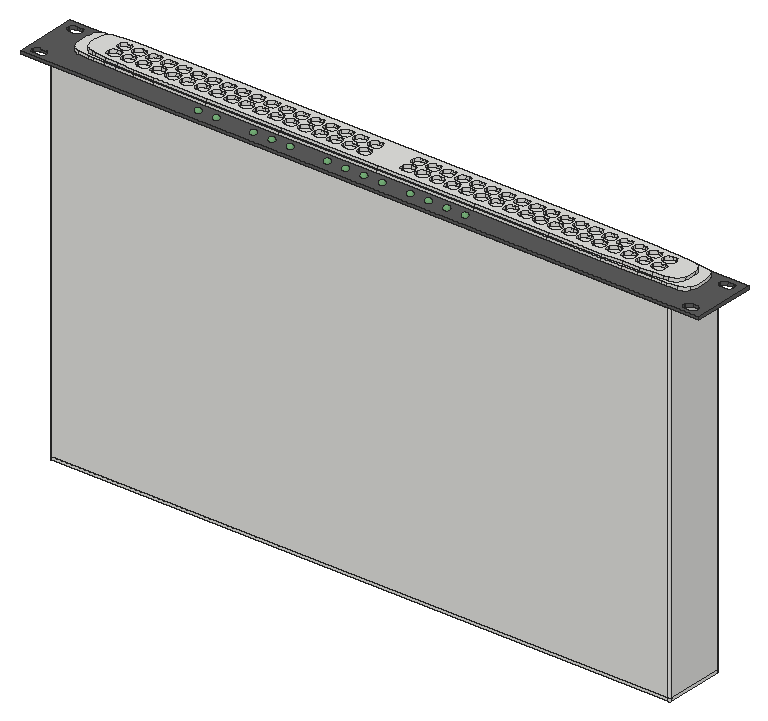
Revit family "Electronics_Expansion-Inputs_Biamp_Vocia_8-Channel-Live-Audio-Input-Device_VI-8__", category Communication Devices, host Face, Revit 2020
Family settings
  Host = Face
  Maintain Annotation Orientation = No
  Round Connector Dimension = Use Diameter
  Part Type = Normal
  OmniClass Number = 23.85.10.11.14
  OmniClass Title = Audio Equipment
  Cut with Voids When Loaded = No
  Shared = No
  Room Calculation Point = No
Parameters (values of type "VI-8")
  Width = 1' - 7 1/64"  # constant formula
  Weight = 6.60 lbf
  Voltage = 24 V
  URL = "https://www.biamp.com/"
  Type Control Outputs = "Form C Voltage free change over contact"  # constant formula
  Temperature Range = "18 - 108° F (-8 – 42° C)"  # constant formula
  TTL Logic Low = "0–0.8V"  # constant formula
  TTL Logic High = "2-5V"  # constant formula
  THD+N = "20Hz~20kHz: <0.05%"  # constant formula
  Status Out Type = "FET Switch, open drain (low side driver)"  # constant formula
  Sample Rate = "48kHz"  # constant formula
  Quantity Control Outputs = "4"  # constant formula
  Quantity Control Inputs = "9"  # constant formula
  Product data url = "https://www.bimobject.com/biamp/product/vocia-vi-8_expansion-input"
  Product Page URL = "https://www.biamp.com/products/product-families/vocia/vocia-expansion-inputs#vocia-vi-8"
  Product Documentation Link = "https://downloads.biamp.com/assets/docs/default-source/data-sheets/biamp_data_sheet_vocia_vi-8_oct18.pdf"
  Power Factor = 1
  Number of Poles = 1
  Network Connection = "Dual RJ45 with shielded Ethernet (CAT5, CAT5e, CAT6, or CAT7)"  # constant formula
  Network Audio = "20-bits, 48kHz, 5-1/3ms (fixed)"  # constant formula
  Model = "Vocia VI-8"
  Min Operating Load = "10μA at 10mV DC"  # constant formula
  Max Switching Capacity = "37VA"  # constant formula
  Max Power Consumption = 35 W
  Max Operating Voltage = "125VAC, 60VDC / 35V"  # constant formula
  Max Input Level = "24dBu"  # constant formula
  Max Continuous Current = "0.35A"  # constant formula
  Manufacturer = "Biamp"  # constant formula
  Input Transient Protection = "± 8kV Peak"  # constant formula
  Input Isolation = "500V RMS"  # constant formula
  Input Impedance = "8kOhm"  # constant formula
  Humidity = "0-95% relative humidity (non-condensing)"  # constant formula
  Housing Material = Biamp - Metal - Silver
  High Range Logic Low = "0-8V DC"  # constant formula
  High Range Logic High = "12-30V DC"  # constant formula
  Height = 0' - 1 187/256"  # constant formula
  Frequency Response = "20Hz~20kHz: +0, -1dB"  # constant formula
  Equivalent Input Noise = "< -125dBu"  # constant formula
  Dynamic Range = ">100dB"  # constant formula
  Description = "Vocia® VI-8 8-Channel Live Audio Input Device"
  Depth = 0' - 9 123/128"  # constant formula
  Default Elevation = 4' - 0"
  DC Reference Output = "24V; 100mA limited"  # constant formula
  DC Input = "24V DC; <100mV Ripple (Max 35W)"  # constant formula
  Current Limit = "0.8A"  # constant formula
  Crosstalk = "10kHz: < -75dB"  # constant formula
  Contact Closure = "10V Internal Reference"  # constant formula
  Connector Description = "24V DC; <100mV Ripple (Max 35W)"
  Compliance = "FCC Part 15B (USA); CE marked (Europe); RCM (Australia); EAC (Eurasian Customs Union); RoHS Directive (Europe)"  # constant formula
  Apparent Load = Max Power Consumption / Power Factor  # 35 VA
  Altitude = "0-10,000 ft (0-3000m) MSL"  # constant formula
  A/D Converters = "24-bit"  # constant formula
Reference planes (in)
  plane 1 "Center (Front/Back)": y = 0
  plane 2: z = 0
  plane 3 "Center (Left/Right)": x = 0
  plane 4: z = 0
  plane 5: y = 0.58468
  plane 6: y = -0.58468
  plane 7: x = 18.26102
Dimensions and locks (in)
  aligned and locked: plane 2 to host face
  aligned and locked: level to host face
Nested families (in)
  nested 1: "VI-8" at (9.13911, -0.865, -4.92126) x (1, 0, 0) z (0, 1, 0), type "VI-8"
Connectors (in)
  electrical at (17.25775, 0.01747, -9.80315)
    settings: on nested 1, index 1, voltage 0 V, apparent load 0 VA, apparent load phase1 0 VA, apparent load phase2 0 VA, apparent load phase3 0 VA, power factor 1, load classification "Other", number of poles 1, system type 5, power factor state 1, is connector primary yes, connector utility no, sub classification motor no, connector description "GND"
  electrical at (13.5119, -0.23038, -9.80315)
    settings: on nested 1, index 4, voltage 0 V, apparent load 0 VA, apparent load phase1 0 VA, apparent load phase2 0 VA, apparent load phase3 0 VA, power factor 1, load classification "Other", number of poles 1, system type 5, power factor state 1, is connector primary no, connector utility no, sub classification motor no, connector description "RJ-45; Primary"
  electrical at (12.88198, -0.23038, -9.80315)
    settings: on nested 1, index 5, voltage 0 V, apparent load 0 VA, apparent load phase1 0 VA, apparent load phase2 0 VA, apparent load phase3 0 VA, power factor 1, load classification "Other", number of poles 1, system type 5, power factor state 1, is connector primary no, connector utility no, sub classification motor no, connector description "RJ-45; Secondary"
  electrical at (10.92602, 0.26059, -9.80315)
    settings: on nested 1, index 8, voltage 0 V, apparent load 0 VA, apparent load phase1 0 VA, apparent load phase2 0 VA, apparent load phase3 0 VA, power factor 1, load classification "Other", number of poles 1, system type 5, power factor state 1, is connector primary no, connector utility no, sub classification motor no, connector description "Audio Input 1"
  electrical at (10.20102, 0.26059, -9.80315)
    settings: on nested 1, index 9, voltage 0 V, apparent load 0 VA, apparent load phase1 0 VA, apparent load phase2 0 VA, apparent load phase3 0 VA, power factor 1, load classification "Other", number of poles 1, system type 5, power factor state 1, is connector primary no, connector utility no, sub classification motor no, connector description "Audio Input 2"
  electrical at (9.15102, 0.26059, -9.80315)
    settings: on nested 1, index 10, voltage 0 V, apparent load 0 VA, apparent load phase1 0 VA, apparent load phase2 0 VA, apparent load phase3 0 VA, power factor 1, load classification "Other", number of poles 1, system type 5, power factor state 1, is connector primary no, connector utility no, sub classification motor no, connector description "Audio Input 3"
  electrical at (8.42602, 0.26059, -9.80315)
    settings: on nested 1, index 11, voltage 0 V, apparent load 0 VA, apparent load phase1 0 VA, apparent load phase2 0 VA, apparent load phase3 0 VA, power factor 1, load classification "Other", number of poles 1, system type 5, power factor state 1, is connector primary no, connector utility no, sub classification motor no, connector description "Audio Input 4"
  electrical at (9.28919, -0.4227, -9.80315)
    settings: on nested 1, index 12, voltage 0 V, apparent load 0 VA, apparent load phase1 0 VA, apparent load phase2 0 VA, apparent load phase3 0 VA, power factor 1, load classification "Other", number of poles 1, system type 5, power factor state 1, is connector primary no, connector utility no, sub classification motor no, connector description "Control Outputs 1"
  electrical at (8.8758, -0.4227, -9.80315)
    settings: on nested 1, index 13, voltage 0 V, apparent load 0 VA, apparent load phase1 0 VA, apparent load phase2 0 VA, apparent load phase3 0 VA, power factor 1, load classification "Other", number of poles 1, system type 5, power factor state 1, is connector primary no, connector utility no, sub classification motor no, connector description "Control Outputs 2"
  electrical at (8.40652, -0.4227, -9.80315)
    settings: on nested 1, index 14, voltage 0 V, apparent load 0 VA, apparent load phase1 0 VA, apparent load phase2 0 VA, apparent load phase3 0 VA, power factor 1, load classification "Other", number of poles 1, system type 5, power factor state 1, is connector primary no, connector utility no, sub classification motor no, connector description "Control Outputs 3"
  electrical at (7.99502, -0.4227, -9.80315)
    settings: on nested 1, index 15, voltage 0 V, apparent load 0 VA, apparent load phase1 0 VA, apparent load phase2 0 VA, apparent load phase3 0 VA, power factor 1, load classification "Other", number of poles 1, system type 5, power factor state 1, is connector primary no, connector utility no, sub classification motor no, connector description "Control Outputs 4"
  electrical at (6.98874, 0.26059, -9.80315)
    settings: on nested 1, index 16, voltage 0 V, apparent load 0 VA, apparent load phase1 0 VA, apparent load phase2 0 VA, apparent load phase3 0 VA, power factor 1, load classification "Other", number of poles 1, system type 5, power factor state 1, is connector primary no, connector utility no, sub classification motor no, connector description "Audio Input 5"
  electrical at (6.26374, 0.26059, -9.80315)
    settings: on nested 1, index 17, voltage 0 V, apparent load 0 VA, apparent load phase1 0 VA, apparent load phase2 0 VA, apparent load phase3 0 VA, power factor 1, load classification "Other", number of poles 1, system type 5, power factor state 1, is connector primary no, connector utility no, sub classification motor no, connector description "Audio Input 6"
  electrical at (5.21402, 0.25859, -9.80315)
    settings: on nested 1, index 18, voltage 0 V, apparent load 0 VA, apparent load phase1 0 VA, apparent load phase2 0 VA, apparent load phase3 0 VA, power factor 1, load classification "Other", number of poles 1, system type 5, power factor state 1, is connector primary no, connector utility no, sub classification motor no, connector description "Audio Input 7"
  electrical at (4.93398, -0.3804, -9.80315)
    settings: on nested 1, index 19, voltage 0 V, apparent load 0 VA, apparent load phase1 0 VA, apparent load phase2 0 VA, apparent load phase3 0 VA, power factor 1, load classification "Other", number of poles 1, system type 5, power factor state 1, is connector primary no, connector utility no, sub classification motor no, connector description "Control Inputs (x4)"
  electrical at (4.48902, 0.25859, -9.80315)
    settings: on nested 1, index 20, voltage 0 V, apparent load 0 VA, apparent load phase1 0 VA, apparent load phase2 0 VA, apparent load phase3 0 VA, power factor 1, load classification "Other", number of poles 1, system type 5, power factor state 1, is connector primary no, connector utility no, sub classification motor no, connector description "Audio Input 8"
  electrical at (3.31397, -0.3804, -9.80315)
    settings: on nested 1, index 21, voltage 0 V, apparent load 0 VA, apparent load phase1 0 VA, apparent load phase2 0 VA, apparent load phase3 0 VA, power factor 1, load classification "Other", number of poles 1, system type 5, power factor state 1, is connector primary no, connector utility no, sub classification motor no, connector description "Control Inputs (x4)"
  electrical at (1.69399, -0.3804, -9.80315)
    settings: on nested 1, index 22, voltage 0 V, apparent load 0 VA, apparent load phase1 0 VA, apparent load phase2 0 VA, apparent load phase3 0 VA, power factor 1, load classification "Other", number of poles 1, system type 5, power factor state 1, is connector primary no, connector utility no, sub classification motor no, connector description "Control Inputs 1; DC Ref.Output 24V"
  electrical at (14.9559, -0.3854, -9.80315), driven by "Connector Description", driven by "Power Factor", driven by "Apparent Load", driven by "Voltage", driven by "Number of Poles"
    settings: on nested 1, index 23, voltage 24 V, apparent load 35 VA, apparent load phase1 0 VA, apparent load phase2 0 VA, apparent load phase3 0 VA, power factor 1, load classification "Other", number of poles 1, system type 30, power factor state 1, is connector primary no, connector utility no, sub classification motor no, connector description "24V DC; <100mV Ripple (Max 35W)"
  electrical at (14.54579, -0.3854, -9.80315), driven by "Number of Poles", driven by "Voltage", driven by "Apparent Load", driven by "Power Factor", driven by "Connector Description"
    settings: on nested 1, index 24, voltage 24 V, apparent load 0 VA, apparent load phase1 35 VA, apparent load phase2 0 VA, apparent load phase3 0 VA, power factor 1, load classification "Other", number of poles 1, system type 31, power factor state 1, is connector primary no, connector utility no, sub classification motor no, connector description "24V DC; <100mV Ripple (Max 35W)"
Definition of nested family "VI-8"
  Parameters (values of type "VI-8")
    Width = 1' - 7.01575"
    VI-8 visible panel back = yes
    VI-6 visible panel back = no
    URL = ""
    Model = ""
    Material Table Mount = none
    Material Case = none
    Material 2 = none
    Material 1 = none
    Manufacturer = ""
    Height = 0' - 1.73228"
    Description = ""
    Depth = 0' - 9.96063"
    Default Elevation = 4' - 0"
  Reference planes (in)
    plane 1 "Center (Front/Back)": y = 0
    plane 2: z = 0
    plane 3 "Center (Left/Right)": x = 0
    plane 4: x = -9.50787
    plane 5: x = 9.50787
    plane 6 "1": y = 4.96063
    plane 7: y = -4.96063
    plane 8: y = -4.92126
    plane 9: y = -5
    plane 10: y = 4.88189
    plane 11: z = 1.73228
    plane 12: z = 0
    plane 13: x = 8.69968
    plane 14: x = -8.69887
    plane 15 "12": z = 0.39953
    plane 16: z = 0.34375
  Forms (in)
    Extrusion 1, solid
      sketch origin (0, 0, 0) x (1, 0, 0) y (0, 1, 0)
        loop
          line (-48, 48) -> (-48, -48) -> (48, -48) -> (48, 48) -> (-48, 48)
      from 0 to -12
    Extrusion 2, solid, material <- "Material Table Mount", detail levels fine
      sketch origin (0, 0, 0) x (1, 0, 0) y (0, 1, 0)
        loop
          line (-9.50787, -4.92126) -> (-9.50787, -5) -> (9.50787, -5) -> (9.50787, -4.92126) -> (-9.50787, -4.92126)
      from 0 to 1.73228
    Extrusion 3, void
      sketch origin (0, 0, 0) x (1, 0, 0) y (0, 0, 1)
        loop
          line (-9.07055, 1.598) -> (-9.20767, 1.598)
          arc (-9.20767, 1.598) -> (-9.29623, 1.56446) -> (-9.34035, 1.48066) r 0.13368
          line (-9.34035, 1.48066) -> (-9.34035, 1.44968)
          arc (-9.34035, 1.44968) -> (-9.29668, 1.36499) -> (-9.20767, 1.33099) r 0.13351
          line (-9.20767, 1.33099) -> (-9.07055, 1.33099)
          arc (-9.07055, 1.33099) -> (-8.98151, 1.36499) -> (-8.9378, 1.44968) r 0.13359
          line (-8.9378, 1.44968) -> (-8.9378, 1.48066)
          arc (-8.9378, 1.48066) -> (-8.98196, 1.56446) -> (-9.07055, 1.598) r 0.13377
        loop
          line (-9.07055, 0.35385) -> (-9.20767, 0.35385)
          arc (-9.20767, 0.35385) -> (-9.29623, 0.32031) -> (-9.34035, 0.2365) r 0.13368
          line (-9.34035, 0.2365) -> (-9.34035, 0.20553)
          arc (-9.34035, 0.20553) -> (-9.29668, 0.12084) -> (-9.20767, 0.08683) r 0.13351
          line (-9.20767, 0.08683) -> (-9.07055, 0.08683)
          arc (-9.07055, 0.08683) -> (-8.98151, 0.12083) -> (-8.9378, 0.20553) r 0.13359
          line (-8.9378, 0.20553) -> (-8.9378, 0.2365)
          arc (-8.9378, 0.2365) -> (-8.98196, 0.32031) -> (-9.07055, 0.35385) r 0.13377
        loop
          line (9.19047, 1.598) -> (9.05335, 1.598)
          arc (9.05335, 1.598) -> (8.96479, 1.56446) -> (8.92067, 1.48066) r 0.13368
          line (8.92067, 1.48066) -> (8.92067, 1.44968)
          arc (8.92067, 1.44968) -> (8.96434, 1.36499) -> (9.05335, 1.33099) r 0.13351
          line (9.05335, 1.33099) -> (9.19047, 1.33099)
          arc (9.19047, 1.33099) -> (9.27951, 1.36499) -> (9.32323, 1.44968) r 0.13359
          line (9.32323, 1.44968) -> (9.32323, 1.48066)
          arc (9.32323, 1.48066) -> (9.27906, 1.56446) -> (9.19047, 1.598) r 0.13377
        loop
          line (9.19047, 0.35385) -> (9.05335, 0.35385)
          arc (9.05335, 0.35385) -> (8.96479, 0.32031) -> (8.92067, 0.2365) r 0.13368
          line (8.92067, 0.2365) -> (8.92067, 0.20553)
          arc (8.92067, 0.20553) -> (8.96434, 0.12084) -> (9.05335, 0.08683) r 0.13351
          line (9.05335, 0.08683) -> (9.19047, 0.08683)
          arc (9.19047, 0.08683) -> (9.27951, 0.12083) -> (9.32323, 0.20553) r 0.13359
          line (9.32323, 0.20553) -> (9.32323, 0.2365)
          arc (9.32323, 0.2365) -> (9.27906, 0.32031) -> (9.19047, 0.35385) r 0.13377
      from 4.92126 to 5.01259
    Extrusion 4, solid, material <- "Material Table Mount", detail levels coarse+medium
      sketch origin (0, 0, 0.39953) x (-1, 0, 0) y (0, -1, 0)
        loop
          line (-9.50787, 4.92126) -> (9.50787, 4.92126) -> (9.50787, 5) -> (-9.50787, 5) -> (-9.50787, 4.92126)
      from -0.39953 to 1.33276
    Extrusion 5, solid, material <- "Material Case", detail levels coarse
      sketch origin (0, 0, 0.39953) x (-1, 0, 0) y (0, -1, 0)
        loop
          line (-8.69968, -4.96063) -> (8.69887, -4.96063) -> (8.69887, 4.92126) -> (-8.69968, 4.92126) -> (-8.69968, -4.96063)
      from -0.39953 to 1.33276
    Extrusion 6, void
      sketch origin (0, 4.96063, 0) x (-1, 0, 0) y (0, 0, 1)
        loop
          line (-7.49289, 0.83273) -> (-7.49289, 0.30221) -> (-6.84295, 0.30221) -> (-6.84295, 0.83273) -> (-7.49289, 0.83273)
        loop
          line (-4.64352, 0.57811) -> (-4.64352, 0.36531) -> (-4.04874, 0.36531) -> (-4.04874, 0.57811) -> (-4.64352, 0.57811)
        loop
          line (-3.2649, 0.57811) -> (-3.2649, 0.36531) -> (-2.67611, 0.36531) -> (-2.67611, 0.57811) -> (-3.2649, 0.57811)
        loop
          line (-2.61948, 0.57811) -> (-2.61948, 0.36531) -> (-2.02562, 0.36531) -> (-2.02562, 0.57811) -> (-2.61948, 0.57811)
        loop
          line (-3.98848, 0.57811) -> (-3.98848, 0.36531) -> (-3.40426, 0.36531) -> (-3.40426, 0.57811) -> (-3.98848, 0.57811)
        loop
          line (-1.48079, 1.36642) -> (-1.48079, 1.15358) -> (-0.84148, 1.15358) -> (-0.84148, 1.36642) -> (-1.48079, 1.36642)
        loop
          line (-0.80211, 1.36642) -> (-0.80211, 1.15358) -> (-0.16279, 1.15358) -> (-0.16279, 1.36642) -> (-0.80211, 1.36642)
        loop
          line (-1.48079, 0.57811) -> (-1.48079, 0.36531) -> (-0.84148, 0.36531) -> (-0.84148, 0.57811) -> (-1.48079, 0.57811)
        loop
          line (-0.80211, 0.57811) -> (-0.80211, 0.36531) -> (-0.16279, 0.36531) -> (-0.16279, 0.57811) -> (-0.80211, 0.57811)
        loop
          line (2.7976, 1.42553) -> (2.7976, 1.15358) -> (3.41724, 1.15358) -> (3.41724, 1.42553) -> (2.7976, 1.42553)
        loop
          line (4.03687, 1.15358) -> (4.03687, 1.42553) -> (3.43286, 1.42553) -> (3.43286, 1.15358) -> (4.03687, 1.15358)
        loop
          line (4.51676, 0.81697) -> (4.51676, 0.42284) -> (5.0482, 0.42284) -> (5.0482, 0.81697) -> (4.51676, 0.81697)
        loop
          line (5.1667, 0.81697) -> (5.1667, 0.42284) -> (5.69814, 0.42284) -> (5.69814, 0.81697) -> (5.1667, 0.81697)
        loop
          line (5.81663, 0.81697) -> (5.81663, 0.42284) -> (6.3481, 0.42284) -> (6.3481, 0.81697) -> (5.81663, 0.81697)
        loop
          line (6.46659, 0.81697) -> (6.46659, 0.42284) -> (6.99803, 0.42284) -> (6.99803, 0.81697) -> (6.46659, 0.81697)
        loop
          circle (-8.12311, 0.83715) r 0.16424
        loop
          circle (-5.50641, 0.49888) r 0.21654
        loop
          circle (-5.03613, 0.49925) r 0.21654
        loop
          circle (0.25395, 1.11748) r 0.21654
        loop
          circle (0.96248, 1.11823) r 0.21654
        loop
          circle (0.96281, 0.5668) r 0.21654
        loop
          circle (0.25343, 0.56614) r 0.21654
        loop
          circle (1.67105, 1.11621) r 0.21654
        loop
          circle (2.38041, 1.11899) r 0.21844
        loop
          circle (2.38098, 0.56581) r 0.21654
        loop
          circle (1.67074, 0.56438) r 0.21654
        loop
          line (2.77793, 0.75235) -> (2.77793, 0.36531) -> (3.41724, 0.36531) -> (3.41724, 0.75235) -> (2.77793, 0.75235)
        loop
          line (4.03687, 0.36531) -> (4.03687, 0.75235) -> (3.43286, 0.75235) -> (3.43286, 0.36531) -> (4.03687, 0.36531)
      from -0.07874 to 0
    Extrusion 7, solid, material <- "Material Case", visible <- "VI-6 visible panel back", detail levels fine
      sketch origin (0, 4.96063, 0) x (-1, 0, 0) y (0, 0, 1)
        loop
          arc (-8.63276, 1.73228) -> (-8.68008, 1.71268) -> (-8.69968, 1.66535) r 0.06693
          line (-8.69968, 1.66535) -> (-8.69968, 0.06693)
          arc (-8.69968, 0.06693) -> (-8.68008, 0.0196) -> (-8.63276, 0) r 0.06693
          line (-8.63276, 0) -> (8.63194, 0)
          arc (8.63194, 0) -> (8.67927, 0.0196) -> (8.69887, 0.06693) r 0.06693
          line (8.69887, 0.06693) -> (8.69887, 1.66535)
          arc (8.69887, 1.66535) -> (8.67927, 1.71268) -> (8.63194, 1.73228) r 0.06693
          line (8.63194, 1.73228) -> (-8.63276, 1.73228)
      from -0.07874 to 0
    Extrusion 8, solid, material <- "Material Case", detail levels fine
      sketch origin (0, 0, 0) x (1, 0, 0) y (0, 0, 1)
        loop
          arc (-8.63194, 1.73228) -> (-8.67927, 1.71268) -> (-8.69887, 1.66535) r 0.06693
          line (-8.69887, 1.66535) -> (-8.69887, 0.06693)
          arc (-8.69887, 0.06693) -> (-8.67927, 0.0196) -> (-8.63194, 0) r 0.06693
          line (-8.63194, 0) -> (8.63276, 0)
          arc (8.63276, 0) -> (8.68008, 0.0196) -> (8.69968, 0.06693) r 0.06693
          line (8.69968, 0.06693) -> (8.69968, 1.66535)
          arc (8.69968, 1.66535) -> (8.68008, 1.71268) -> (8.63276, 1.73228) r 0.06693
          line (8.63276, 1.73228) -> (-8.63194, 1.73228)
      from -4.88189 to 4.92126
    Extrusion 9, solid, material <- "Material Case", detail levels medium
      sketch origin (1.5748, 0, 0) x (1, 0, 0) y (0, 0, 1)
        loop
          arc (-10.20675, 1.73228) -> (-10.25407, 1.71268) -> (-10.27368, 1.66535) r 0.06693
          line (-10.27368, 1.66535) -> (-10.27368, 0.06693)
          arc (-10.27368, 0.06693) -> (-10.25407, 0.0196) -> (-10.20675, 0) r 0.06693
          line (-10.20675, 0) -> (7.05795, 0)
          arc (7.05795, 0) -> (7.10528, 0.0196) -> (7.12488, 0.06693) r 0.06693
          line (7.12488, 0.06693) -> (7.12488, 1.66377)
          arc (7.12488, 1.66377) -> (7.10481, 1.71222) -> (7.05636, 1.73228) r 0.06852
          line (7.05636, 1.73228) -> (-10.20675, 1.73228)
      from -4.96063 to 4.92126
    Extrusion 10, solid, material <- "Material Case", visible <- "VI-8 visible panel back", detail levels fine
      sketch origin (0, 4.96063, 0) x (-1, 0, 0) y (0, 0, 1)
        loop
          line (8.63194, 1.73228) -> (-8.63276, 1.73228)
          arc (-8.63276, 1.73228) -> (-8.68008, 1.71268) -> (-8.69968, 1.66535) r 0.06693
          line (-8.69968, 1.66535) -> (-8.69968, 0.06693)
          arc (-8.69968, 0.06693) -> (-8.68008, 0.0196) -> (-8.63276, 0) r 0.06693
          line (-8.63276, 0) -> (8.63194, 0)
          arc (8.63194, 0) -> (8.67927, 0.0196) -> (8.69887, 0.06693) r 0.06693
          line (8.69887, 0.06693) -> (8.69887, 1.66535)
          arc (8.69887, 1.66535) -> (8.67927, 1.71268) -> (8.63194, 1.73228) r 0.06693
      from -0.07874 to 0
    Extrusion 11, void
      sketch origin (0, 4.96063, 0) x (-1, 0, 0) y (0, 0, 1)
        loop
          circle (-8.11864, 0.88247) r 0.16415
        loop
          line (-5.61749, 0.3033) -> (-5.61749, 0.65589) -> (-6.01608, 0.65589) -> (-6.01608, 0.3033) -> (-5.61749, 0.3033)
        loop
          line (-5.6055, 0.3033) -> (-5.20787, 0.3033) -> (-5.20787, 0.65589) -> (-5.6055, 0.65589) -> (-5.6055, 0.3033)
        loop
          line (-4.10704, 0.43777) -> (-4.10704, 0.83147) -> (-4.63854, 0.83147) -> (-4.63854, 0.43777) -> (-4.10704, 0.43777)
        loop
          line (-4.00862, 0.83147) -> (-4.00862, 0.43777) -> (-3.47712, 0.43777) -> (-3.47712, 0.83147) -> (-4.00862, 0.83147)
        loop
          line (-1.48691, 1.29489) -> (-2.08691, 1.29489) -> (-2.08691, 0.9563) -> (-1.48691, 0.9563) -> (-1.48691, 1.29489)
        loop
          line (-1.36191, 0.9563) -> (-0.76191, 0.9563) -> (-0.76191, 1.29489) -> (-1.36191, 1.29489) -> (-1.36191, 0.9563)
        loop
          line (-0.31191, 1.29489) -> (-0.31191, 0.9563) -> (0.28809, 0.9563) -> (0.28809, 1.29489) -> (-0.31191, 1.29489)
        loop
          line (0.41309, 0.9563) -> (1.01309, 0.9563) -> (1.01309, 1.29489) -> (0.41309, 1.29489) -> (0.41309, 0.9563)
        loop
          line (1.85037, 1.29489) -> (1.85037, 0.9563) -> (2.45037, 0.9563) -> (2.45037, 1.29489) -> (1.85037, 1.29489)
        loop
          line (2.57537, 0.9563) -> (3.17537, 0.9563) -> (3.17537, 1.29489) -> (2.57537, 1.29489) -> (2.57537, 0.9563)
        loop
          line (3.62509, 1.29288) -> (3.62509, 0.9543) -> (4.22508, 0.9543) -> (4.22508, 1.29288) -> (3.62509, 1.29288)
        loop
          line (4.35008, 1.29288) -> (4.35008, 0.9543) -> (4.9501, 0.9543) -> (4.9501, 1.29288) -> (4.35008, 1.29288)
        loop
          line (3.60513, 0.65389) -> (3.60513, 0.3153) -> (4.80513, 0.3153) -> (4.80513, 0.65389) -> (3.60513, 0.65389)
        loop
          line (5.22514, 0.65389) -> (5.22514, 0.3153) -> (6.42514, 0.3153) -> (6.42514, 0.65389) -> (5.22514, 0.65389)
        loop
          line (6.84512, 0.65389) -> (6.84512, 0.3153) -> (8.04512, 0.3153) -> (8.04512, 0.65389) -> (6.84512, 0.65389)
        loop
          line (-0.3489, 0.5673) -> (-0.3489, 0.3173) -> (0.04874, 0.3173) -> (0.04874, 0.5673) -> (-0.3489, 0.5673)
        loop
          line (0.06449, 0.5673) -> (0.06449, 0.3173) -> (0.46213, 0.3173) -> (0.46213, 0.5673) -> (0.06449, 0.5673)
        loop
          line (0.5331, 0.5673) -> (0.5331, 0.3173) -> (0.93207, 0.3173) -> (0.93207, 0.5673) -> (0.5331, 0.5673)
        loop
          line (0.94406, 0.5673) -> (0.94406, 0.3173) -> (1.34413, 0.3173) -> (1.34413, 0.5673) -> (0.94406, 0.5673)
        loop
          circle (-2.07835, 0.51001) r 0.21654
        loop
          circle (-1.60927, 0.51001) r 0.21654
      from -0.07874 to 0
    Extrusion 12, solid, material <- "Material 1", detail levels medium+fine
      sketch origin (-0.00359, 0, 0) x (1, 0, 0) y (0, 0, 1)
        loop
          spline (-8.64077, 1.5063) -> (-8.65735, 1.45449) -> (-8.67111, 1.39928) -> (-8.68189, 1.34132) -> (-8.68957, 1.2813) -> (-8.69405, 1.21991) -> (-8.69529, 1.15789) -> (-8.69326, 1.09595) -> (-8.688, 1.03483) -> (-8.67956, 0.97524) -> (-8.66804, 0.91788) -> (-8.65359, 0.86344) -> (-8.63636, 0.81254)
          arc (-8.63636, 0.81254) -> (-8.53568, 0.71131) -> (-8.3997, 0.66781) r 0.30126
          line (-8.3997, 0.66781) -> (-8.09718, 0.64647) -> (-7.96202, 0.63909) -> (-7.67946, 0.629) -> (-7.31432, 0.62036) -> (-6.85355, 0.61315) -> (-6.28557, 0.6074) -> (-4.78587, 0.59874) -> (-2.72254, 0.59296) -> (0.00007, 0.59153) -> (2.72124, 0.59296) -> (4.78457, 0.59874) -> (6.28425, 0.6074) -> (6.85225, 0.61315) -> (7.31301, 0.62036) -> (7.67815, 0.629) -> (7.96073, 0.63909) -> (8.10159, 0.64678) -> (8.3997, 0.66781)
          arc (8.3997, 0.66781) -> (8.53568, 0.71131) -> (8.63636, 0.81254) r 0.30126
          spline (8.63636, 0.81254) -> (8.65359, 0.86344) -> (8.66804, 0.91788) -> (8.67956, 0.97524) -> (8.688, 1.03483) -> (8.69326, 1.09595) -> (8.69529, 1.15789) -> (8.69405, 1.21991) -> (8.68957, 1.2813) -> (8.68189, 1.34132) -> (8.67111, 1.39928) -> (8.65735, 1.45449) -> (8.64077, 1.5063)
          arc (8.64077, 1.5063) -> (8.53939, 1.61277) -> (8.3997, 1.65858) r 0.30126
          line (8.3997, 1.65858) -> (8.09857, 1.67982) -> (7.96202, 1.68728) -> (7.67946, 1.69738) -> (7.31432, 1.70603) -> (6.85355, 1.71324) -> (6.28557, 1.71901) -> (4.78587, 1.72765) -> (2.72254, 1.73341) -> (0, 1.73341) -> (-2.72254, 1.73341) -> (-4.78587, 1.72765) -> (-6.28557, 1.71901) -> (-6.85355, 1.71324) -> (-7.31432, 1.70603) -> (-7.67946, 1.69738) -> (-7.96202, 1.68728) -> (-8.09857, 1.67982) -> (-8.3997, 1.65858)
          arc (-8.3997, 1.65858) -> (-8.53939, 1.61277) -> (-8.64077, 1.5063) r 0.30126
      from 5 to 5.07874
    Extrusion 13, solid, material <- "Material 1", detail levels medium+fine
      sketch origin (-0.00359, -0.15748, 0) x (1, 0, 0) y (0, 0, 1)
        loop
          spline (-8.37154, 1.29486) -> (-8.37332, 1.26859) -> (-8.37451, 1.24218) -> (-8.37511, 1.21568) -> (-8.37511, 1.18916) -> (-8.37452, 1.16266) -> (-8.37333, 1.13625) -> (-8.37155, 1.10998) -> (-8.36918, 1.08391) -> (-8.36623, 1.05809) -> (-8.36271, 1.03258) -> (-8.35862, 1.00744) -> (-8.35396, 0.98271)
          arc (-8.35396, 0.98271) -> (-8.25757, 0.81591) -> (-8.07982, 0.74163) r 0.30126
          line (-8.07982, 0.74163) -> (-7.95889, 0.72678) -> (-7.67889, 0.69972) -> (-7.31401, 0.68698) -> (-6.85337, 0.67739) -> (-6.28549, 0.66748) -> (-4.78587, 0.64526) -> (-2.72254, 0.63949) -> (0.00007, 0.63805) -> (2.72124, 0.63949) -> (4.78457, 0.64526) -> (6.27228, 0.66588) -> (6.83902, 0.6729) -> (7.31292, 0.68465) -> (7.67104, 0.69942) -> (7.95889, 0.72678) -> (8.07982, 0.74163)
          arc (8.07982, 0.74163) -> (8.25757, 0.81591) -> (8.35396, 0.98271) r 0.30126
          spline (8.35396, 0.98271) -> (8.35862, 1.00744) -> (8.36271, 1.03258) -> (8.36623, 1.05809) -> (8.36918, 1.08391) -> (8.37155, 1.10998) -> (8.37333, 1.13625) -> (8.37452, 1.16266) -> (8.37511, 1.18916) -> (8.37511, 1.21568) -> (8.37451, 1.24218) -> (8.37332, 1.26859) -> (8.37154, 1.29486)
          arc (8.37154, 1.29486) -> (8.2982, 1.49367) -> (8.1122, 1.5952) r 0.30168
          line (8.1122, 1.5952) -> (7.92694, 1.62145) -> (7.67897, 1.63879) -> (7.32026, 1.65132) -> (6.85311, 1.66718) -> (6.28557, 1.68133) -> (4.78587, 1.68997) -> (2.72254, 1.69573) -> (0, 1.69573) -> (-2.72254, 1.69573) -> (-4.78587, 1.68997) -> (-6.28557, 1.67233) -> (-6.84373, 1.66574) -> (-7.31432, 1.65042) -> (-7.67946, 1.63496) -> (-7.92694, 1.62145) -> (-8.1122, 1.5952)
          arc (-8.1122, 1.5952) -> (-8.2982, 1.49367) -> (-8.37154, 1.29486) r 0.30168
        loop
          arc (-7.46372, 1.36914) -> (-7.50281, 1.46352) -> (-7.5972, 1.50262) r 0.13348
          line (-7.5972, 1.50262) -> (-7.68831, 1.50262)
          arc (-7.68831, 1.50262) -> (-7.78269, 1.46352) -> (-7.82179, 1.36914) r 0.13348
          line (-7.82179, 1.36914) -> (-7.82179, 1.32816)
          arc (-7.82179, 1.32816) -> (-7.78088, 1.22938) -> (-7.68211, 1.18847) r 0.13968
          line (-7.68211, 1.18847) -> (-7.6034, 1.18847)
          arc (-7.6034, 1.18847) -> (-7.50463, 1.22938) -> (-7.46372, 1.32816) r 0.13968
          line (-7.46372, 1.32816) -> (-7.46372, 1.36914)
        loop
          arc (-7.05847, 1.36914) -> (-7.09756, 1.46352) -> (-7.19195, 1.50262) r 0.13348
          line (-7.19195, 1.50262) -> (-7.28306, 1.50262)
          arc (-7.28306, 1.50262) -> (-7.37744, 1.46352) -> (-7.41654, 1.36914) r 0.13348
          line (-7.41654, 1.36914) -> (-7.41654, 1.32816)
          arc (-7.41654, 1.32816) -> (-7.37563, 1.22938) -> (-7.27685, 1.18847) r 0.13968
          line (-7.27685, 1.18847) -> (-7.19815, 1.18847)
          arc (-7.19815, 1.18847) -> (-7.09938, 1.22938) -> (-7.05847, 1.32816) r 0.13968
          line (-7.05847, 1.32816) -> (-7.05847, 1.36914)
        loop
          arc (-6.64583, 1.36914) -> (-6.68492, 1.46352) -> (-6.77931, 1.50262) r 0.13348
          line (-6.77931, 1.50262) -> (-6.87042, 1.50262)
          arc (-6.87042, 1.50262) -> (-6.96481, 1.46352) -> (-7.0039, 1.36914) r 0.13348
          line (-7.0039, 1.36914) -> (-7.0039, 1.32816)
          arc (-7.0039, 1.32816) -> (-6.96299, 1.22938) -> (-6.86422, 1.18847) r 0.13968
          line (-6.86422, 1.18847) -> (-6.78551, 1.18847)
          arc (-6.78551, 1.18847) -> (-6.68674, 1.22938) -> (-6.64583, 1.32816) r 0.13968
          line (-6.64583, 1.32816) -> (-6.64583, 1.36914)
        loop
          arc (-6.22965, 1.36914) -> (-6.26875, 1.46352) -> (-6.36313, 1.50262) r 0.13348
          line (-6.36313, 1.50262) -> (-6.45424, 1.50262)
          arc (-6.45424, 1.50262) -> (-6.54863, 1.46352) -> (-6.58773, 1.36914) r 0.13348
          line (-6.58773, 1.36914) -> (-6.58773, 1.32816)
          arc (-6.58773, 1.32816) -> (-6.54681, 1.22938) -> (-6.44804, 1.18847) r 0.13968
          line (-6.44804, 1.18847) -> (-6.36934, 1.18847)
          arc (-6.36934, 1.18847) -> (-6.27057, 1.22938) -> (-6.22965, 1.32816) r 0.13968
          line (-6.22965, 1.32816) -> (-6.22965, 1.36914)
        loop
          arc (-5.81739, 1.36914) -> (-5.85649, 1.46352) -> (-5.95088, 1.50262) r 0.13348
          line (-5.95088, 1.50262) -> (-6.04199, 1.50262)
          arc (-6.04199, 1.50262) -> (-6.13637, 1.46352) -> (-6.17547, 1.36914) r 0.13348
          line (-6.17547, 1.36914) -> (-6.17547, 1.32816)
          arc (-6.17547, 1.32816) -> (-6.13455, 1.22938) -> (-6.03578, 1.18847) r 0.13968
          line (-6.03578, 1.18847) -> (-5.95708, 1.18847)
          arc (-5.95708, 1.18847) -> (-5.85831, 1.22938) -> (-5.81739, 1.32816) r 0.13968
          line (-5.81739, 1.32816) -> (-5.81739, 1.36914)
        loop
          arc (-5.40456, 1.36914) -> (-5.44365, 1.46352) -> (-5.53804, 1.50262) r 0.13348
          line (-5.53804, 1.50262) -> (-5.62915, 1.50262)
          arc (-5.62915, 1.50262) -> (-5.72354, 1.46352) -> (-5.76263, 1.36914) r 0.13348
          line (-5.76263, 1.36914) -> (-5.76263, 1.32816)
          arc (-5.76263, 1.32816) -> (-5.72172, 1.22938) -> (-5.62295, 1.18847) r 0.13968
          line (-5.62295, 1.18847) -> (-5.54424, 1.18847)
          arc (-5.54424, 1.18847) -> (-5.44547, 1.22938) -> (-5.40456, 1.32816) r 0.13968
          line (-5.40456, 1.32816) -> (-5.40456, 1.36914)
        loop
          arc (-4.99172, 1.36914) -> (-5.03081, 1.46352) -> (-5.1252, 1.50262) r 0.13348
          line (-5.1252, 1.50262) -> (-5.21631, 1.50262)
          arc (-5.21631, 1.50262) -> (-5.31069, 1.46352) -> (-5.34979, 1.36914) r 0.13348
          line (-5.34979, 1.36914) -> (-5.34979, 1.32816)
          arc (-5.34979, 1.32816) -> (-5.30888, 1.22938) -> (-5.21011, 1.18847) r 0.13968
          line (-5.21011, 1.18847) -> (-5.1314, 1.18847)
          arc (-5.1314, 1.18847) -> (-5.03263, 1.22938) -> (-4.99172, 1.32816) r 0.13968
          line (-4.99172, 1.32816) -> (-4.99172, 1.36914)
        loop
          arc (-4.57541, 1.36914) -> (-4.61451, 1.46352) -> (-4.70889, 1.50262) r 0.13348
          line (-4.70889, 1.50262) -> (-4.8, 1.50262)
          arc (-4.8, 1.50262) -> (-4.89439, 1.46352) -> (-4.93348, 1.36914) r 0.13348
          line (-4.93348, 1.36914) -> (-4.93348, 1.32816)
          arc (-4.93348, 1.32816) -> (-4.89257, 1.22938) -> (-4.7938, 1.18847) r 0.13968
          line (-4.7938, 1.18847) -> (-4.71509, 1.18847)
          arc (-4.71509, 1.18847) -> (-4.61632, 1.22938) -> (-4.57541, 1.32816) r 0.13968
          line (-4.57541, 1.32816) -> (-4.57541, 1.36914)
        loop
          arc (-4.16257, 1.36914) -> (-4.20167, 1.46352) -> (-4.29606, 1.50262) r 0.13348
          line (-4.29606, 1.50262) -> (-4.38717, 1.50262)
          arc (-4.38717, 1.50262) -> (-4.48155, 1.46352) -> (-4.52065, 1.36914) r 0.13348
          line (-4.52065, 1.36914) -> (-4.52065, 1.32816)
          arc (-4.52065, 1.32816) -> (-4.47973, 1.22938) -> (-4.38096, 1.18847) r 0.13968
          line (-4.38096, 1.18847) -> (-4.30226, 1.18847)
          arc (-4.30226, 1.18847) -> (-4.20349, 1.22938) -> (-4.16257, 1.32816) r 0.13968
          line (-4.16257, 1.32816) -> (-4.16257, 1.36914)
        loop
          arc (-3.7532, 1.36914) -> (-3.7923, 1.46352) -> (-3.88669, 1.50262) r 0.13348
          line (-3.88669, 1.50262) -> (-3.9778, 1.50262)
          arc (-3.9778, 1.50262) -> (-4.07218, 1.46352) -> (-4.11128, 1.36914) r 0.13348
          line (-4.11128, 1.36914) -> (-4.11128, 1.32816)
          arc (-4.11128, 1.32816) -> (-4.07036, 1.22938) -> (-3.97159, 1.18847) r 0.13968
          line (-3.97159, 1.18847) -> (-3.89289, 1.18847)
          arc (-3.89289, 1.18847) -> (-3.79412, 1.22938) -> (-3.7532, 1.32816) r 0.13968
          line (-3.7532, 1.32816) -> (-3.7532, 1.36914)
        loop
          arc (-3.34036, 1.36914) -> (-3.37946, 1.46352) -> (-3.47384, 1.50262) r 0.13348
          line (-3.47384, 1.50262) -> (-3.56495, 1.50262)
          arc (-3.56495, 1.50262) -> (-3.65934, 1.46352) -> (-3.69843, 1.36914) r 0.13348
          line (-3.69843, 1.36914) -> (-3.69843, 1.32816)
          arc (-3.69843, 1.32816) -> (-3.65752, 1.22938) -> (-3.55875, 1.18847) r 0.13968
          line (-3.55875, 1.18847) -> (-3.48005, 1.18847)
          arc (-3.48005, 1.18847) -> (-3.38127, 1.22938) -> (-3.34036, 1.32816) r 0.13968
          line (-3.34036, 1.32816) -> (-3.34036, 1.36914)
        loop
          arc (-2.92405, 1.36914) -> (-2.96315, 1.46352) -> (-3.05754, 1.50262) r 0.13348
          line (-3.05754, 1.50262) -> (-3.14865, 1.50262)
          arc (-3.14865, 1.50262) -> (-3.24303, 1.46352) -> (-3.28213, 1.36914) r 0.13348
          line (-3.28213, 1.36914) -> (-3.28213, 1.32816)
          arc (-3.28213, 1.32816) -> (-3.24121, 1.22938) -> (-3.14244, 1.18847) r 0.13968
          line (-3.14244, 1.18847) -> (-3.06374, 1.18847)
          arc (-3.06374, 1.18847) -> (-2.96497, 1.22938) -> (-2.92405, 1.32816) r 0.13968
          line (-2.92405, 1.32816) -> (-2.92405, 1.36914)
        loop
          arc (-2.51122, 1.36914) -> (-2.55032, 1.46352) -> (-2.6447, 1.50262) r 0.13348
          line (-2.6447, 1.50262) -> (-2.73581, 1.50262)
          arc (-2.73581, 1.50262) -> (-2.8302, 1.46352) -> (-2.86929, 1.36914) r 0.13348
          line (-2.86929, 1.36914) -> (-2.86929, 1.32816)
          arc (-2.86929, 1.32816) -> (-2.82838, 1.22938) -> (-2.72961, 1.18847) r 0.13968
          line (-2.72961, 1.18847) -> (-2.6509, 1.18847)
          arc (-2.6509, 1.18847) -> (-2.55213, 1.22938) -> (-2.51122, 1.32816) r 0.13968
          line (-2.51122, 1.32816) -> (-2.51122, 1.36914)
        loop
          arc (-2.10165, 1.36914) -> (-2.14075, 1.46352) -> (-2.23514, 1.50262) r 0.13348
          line (-2.23514, 1.50262) -> (-2.32625, 1.50262)
          arc (-2.32625, 1.50262) -> (-2.42063, 1.46352) -> (-2.45973, 1.36914) r 0.13348
          line (-2.45973, 1.36914) -> (-2.45973, 1.32816)
          arc (-2.45973, 1.32816) -> (-2.41882, 1.22938) -> (-2.32004, 1.18847) r 0.13968
          line (-2.32004, 1.18847) -> (-2.24134, 1.18847)
          arc (-2.24134, 1.18847) -> (-2.14257, 1.22938) -> (-2.10165, 1.32816) r 0.13968
          line (-2.10165, 1.32816) -> (-2.10165, 1.36914)
        loop
          arc (-1.68901, 1.36914) -> (-1.7281, 1.46352) -> (-1.82249, 1.50262) r 0.13348
          line (-1.82249, 1.50262) -> (-1.9136, 1.50262)
          arc (-1.9136, 1.50262) -> (-2.00798, 1.46352) -> (-2.04708, 1.36914) r 0.13348
          line (-2.04708, 1.36914) -> (-2.04708, 1.32816)
          arc (-2.04708, 1.32816) -> (-2.00617, 1.22938) -> (-1.9074, 1.18847) r 0.13968
          line (-1.9074, 1.18847) -> (-1.82869, 1.18847)
          arc (-1.82869, 1.18847) -> (-1.72992, 1.22938) -> (-1.68901, 1.32816) r 0.13968
          line (-1.68901, 1.32816) -> (-1.68901, 1.36914)
        loop
          arc (-1.2727, 1.36914) -> (-1.3118, 1.46352) -> (-1.40618, 1.50262) r 0.13348
          line (-1.40618, 1.50262) -> (-1.49729, 1.50262)
          arc (-1.49729, 1.50262) -> (-1.59168, 1.46352) -> (-1.63077, 1.36914) r 0.13348
          line (-1.63077, 1.36914) -> (-1.63077, 1.32816)
          arc (-1.63077, 1.32816) -> (-1.58986, 1.22938) -> (-1.49109, 1.18847) r 0.13968
          line (-1.49109, 1.18847) -> (-1.41238, 1.18847)
          arc (-1.41238, 1.18847) -> (-1.31361, 1.22938) -> (-1.2727, 1.32816) r 0.13968
          line (-1.2727, 1.32816) -> (-1.2727, 1.36914)
        loop
          arc (-0.85986, 1.36914) -> (-0.89895, 1.46352) -> (-0.99334, 1.50262) r 0.13348
          line (-0.99334, 1.50262) -> (-1.08445, 1.50262)
          arc (-1.08445, 1.50262) -> (-1.17883, 1.46352) -> (-1.21793, 1.36914) r 0.13348
          line (-1.21793, 1.36914) -> (-1.21793, 1.32816)
          arc (-1.21793, 1.32816) -> (-1.17702, 1.22938) -> (-1.07825, 1.18847) r 0.13968
          line (-1.07825, 1.18847) -> (-0.99954, 1.18847)
          arc (-0.99954, 1.18847) -> (-0.90077, 1.22938) -> (-0.85986, 1.32816) r 0.13968
          line (-0.85986, 1.32816) -> (-0.85986, 1.36914)
        loop
          arc (-0.44355, 1.36914) -> (-0.48265, 1.46352) -> (-0.57703, 1.50262) r 0.13348
          line (-0.57703, 1.50262) -> (-0.66814, 1.50262)
          arc (-0.66814, 1.50262) -> (-0.76253, 1.46352) -> (-0.80162, 1.36914) r 0.13348
          line (-0.80162, 1.36914) -> (-0.80162, 1.32816)
          arc (-0.80162, 1.32816) -> (-0.76071, 1.22938) -> (-0.66194, 1.18847) r 0.13968
          line (-0.66194, 1.18847) -> (-0.58323, 1.18847)
          arc (-0.58323, 1.18847) -> (-0.48446, 1.22938) -> (-0.44355, 1.32816) r 0.13968
          line (-0.44355, 1.32816) -> (-0.44355, 1.36914)
        loop
          arc (0.77646, 1.36914) -> (0.73736, 1.46352) -> (0.64297, 1.50262) r 0.13348
          line (0.64297, 1.50262) -> (0.55186, 1.50262)
          arc (0.55186, 1.50262) -> (0.45748, 1.46352) -> (0.41838, 1.36914) r 0.13348
          line (0.41838, 1.36914) -> (0.41838, 1.32816)
          arc (0.41838, 1.32816) -> (0.45929, 1.22938) -> (0.55807, 1.18847) r 0.13968
          line (0.55807, 1.18847) -> (0.63677, 1.18847)
          arc (0.63677, 1.18847) -> (0.73554, 1.22938) -> (0.77646, 1.32816) r 0.13968
          line (0.77646, 1.32816) -> (0.77646, 1.36914)
        loop
          arc (1.18171, 1.36914) -> (1.14261, 1.46352) -> (1.04823, 1.50262) r 0.13348
          line (1.04823, 1.50262) -> (0.95712, 1.50262)
          arc (0.95712, 1.50262) -> (0.86273, 1.46352) -> (0.82363, 1.36914) r 0.13348
          line (0.82363, 1.36914) -> (0.82363, 1.32816)
          arc (0.82363, 1.32816) -> (0.86455, 1.22938) -> (0.96332, 1.18847) r 0.13968
          line (0.96332, 1.18847) -> (1.04202, 1.18847)
          arc (1.04202, 1.18847) -> (1.14079, 1.22938) -> (1.18171, 1.32816) r 0.13968
          line (1.18171, 1.32816) -> (1.18171, 1.36914)
        loop
          arc (1.59434, 1.36914) -> (1.55525, 1.46352) -> (1.46086, 1.50262) r 0.13348
          line (1.46086, 1.50262) -> (1.36975, 1.50262)
          arc (1.36975, 1.50262) -> (1.27537, 1.46352) -> (1.23627, 1.36914) r 0.13348
          line (1.23627, 1.36914) -> (1.23627, 1.32816)
          arc (1.23627, 1.32816) -> (1.27718, 1.22938) -> (1.37596, 1.18847) r 0.13968
          line (1.37596, 1.18847) -> (1.45466, 1.18847)
          arc (1.45466, 1.18847) -> (1.55343, 1.22938) -> (1.59434, 1.32816) r 0.13968
          line (1.59434, 1.32816) -> (1.59434, 1.36914)
        loop
          arc (2.01052, 1.36914) -> (1.97142, 1.46352) -> (1.87704, 1.50262) r 0.13348
          line (1.87704, 1.50262) -> (1.78593, 1.50262)
          arc (1.78593, 1.50262) -> (1.69154, 1.46352) -> (1.65245, 1.36914) r 0.13348
          line (1.65245, 1.36914) -> (1.65245, 1.32816)
          arc (1.65245, 1.32816) -> (1.69336, 1.22938) -> (1.79213, 1.18847) r 0.13968
          line (1.79213, 1.18847) -> (1.87083, 1.18847)
          arc (1.87083, 1.18847) -> (1.96961, 1.22938) -> (2.01052, 1.32816) r 0.13968
          line (2.01052, 1.32816) -> (2.01052, 1.36914)
        loop
          arc (2.42278, 1.36914) -> (2.38368, 1.46352) -> (2.2893, 1.50262) r 0.13348
          line (2.2893, 1.50262) -> (2.19819, 1.50262)
          arc (2.19819, 1.50262) -> (2.1038, 1.46352) -> (2.0647, 1.36914) r 0.13348
          line (2.0647, 1.36914) -> (2.0647, 1.32816)
          arc (2.0647, 1.32816) -> (2.10562, 1.22938) -> (2.20439, 1.18847) r 0.13968
          line (2.20439, 1.18847) -> (2.28309, 1.18847)
          arc (2.28309, 1.18847) -> (2.38187, 1.22938) -> (2.42278, 1.32816) r 0.13968
          line (2.42278, 1.32816) -> (2.42278, 1.36914)
        loop
          arc (2.83561, 1.36914) -> (2.79652, 1.46352) -> (2.70213, 1.50262) r 0.13348
          line (2.70213, 1.50262) -> (2.61102, 1.50262)
          arc (2.61102, 1.50262) -> (2.51664, 1.46352) -> (2.47754, 1.36914) r 0.13348
          line (2.47754, 1.36914) -> (2.47754, 1.32816)
          arc (2.47754, 1.32816) -> (2.51845, 1.22938) -> (2.61722, 1.18847) r 0.13968
          line (2.61722, 1.18847) -> (2.69593, 1.18847)
          arc (2.69593, 1.18847) -> (2.7947, 1.22938) -> (2.83561, 1.32816) r 0.13968
          line (2.83561, 1.32816) -> (2.83561, 1.36914)
        loop
          arc (3.24846, 1.36914) -> (3.20936, 1.46352) -> (3.11497, 1.50262) r 0.13348
          line (3.11497, 1.50262) -> (3.02386, 1.50262)
          arc (3.02386, 1.50262) -> (2.92948, 1.46352) -> (2.89038, 1.36914) r 0.13348
          line (2.89038, 1.36914) -> (2.89038, 1.32816)
          arc (2.89038, 1.32816) -> (2.93129, 1.22938) -> (3.03007, 1.18847) r 0.13968
          line (3.03007, 1.18847) -> (3.10877, 1.18847)
          arc (3.10877, 1.18847) -> (3.20754, 1.22938) -> (3.24846, 1.32816) r 0.13968
          line (3.24846, 1.32816) -> (3.24846, 1.36914)
        loop
          arc (3.66476, 1.36914) -> (3.62567, 1.46352) -> (3.53128, 1.50262) r 0.13348
          line (3.53128, 1.50262) -> (3.44017, 1.50262)
          arc (3.44017, 1.50262) -> (3.34579, 1.46352) -> (3.30669, 1.36914) r 0.13348
          line (3.30669, 1.36914) -> (3.30669, 1.32816)
          arc (3.30669, 1.32816) -> (3.3476, 1.22938) -> (3.44637, 1.18847) r 0.13968
          line (3.44637, 1.18847) -> (3.52508, 1.18847)
          arc (3.52508, 1.18847) -> (3.62385, 1.22938) -> (3.66476, 1.32816) r 0.13968
          line (3.66476, 1.32816) -> (3.66476, 1.36914)
        loop
          arc (4.0776, 1.36914) -> (4.0385, 1.46352) -> (3.94412, 1.50262) r 0.13348
          line (3.94412, 1.50262) -> (3.85301, 1.50262)
          arc (3.85301, 1.50262) -> (3.75862, 1.46352) -> (3.71952, 1.36914) r 0.13348
          line (3.71952, 1.36914) -> (3.71952, 1.32816)
          arc (3.71952, 1.32816) -> (3.76044, 1.22938) -> (3.85921, 1.18847) r 0.13968
          line (3.85921, 1.18847) -> (3.93791, 1.18847)
          arc (3.93791, 1.18847) -> (4.03669, 1.22938) -> (4.0776, 1.32816) r 0.13968
          line (4.0776, 1.32816) -> (4.0776, 1.36914)
        loop
          arc (4.48697, 1.36914) -> (4.44787, 1.46352) -> (4.35349, 1.50262) r 0.13348
          line (4.35349, 1.50262) -> (4.26238, 1.50262)
          arc (4.26238, 1.50262) -> (4.16799, 1.46352) -> (4.12889, 1.36914) r 0.13348
          line (4.12889, 1.36914) -> (4.12889, 1.32816)
          arc (4.12889, 1.32816) -> (4.16981, 1.22938) -> (4.26858, 1.18847) r 0.13968
          line (4.26858, 1.18847) -> (4.34728, 1.18847)
          arc (4.34728, 1.18847) -> (4.44606, 1.22938) -> (4.48697, 1.32816) r 0.13968
          line (4.48697, 1.32816) -> (4.48697, 1.36914)
        loop
          arc (4.89981, 1.36914) -> (4.86071, 1.46352) -> (4.76633, 1.50262) r 0.13348
          line (4.76633, 1.50262) -> (4.67522, 1.50262)
          arc (4.67522, 1.50262) -> (4.58083, 1.46352) -> (4.54174, 1.36914) r 0.13348
          line (4.54174, 1.36914) -> (4.54174, 1.32816)
          arc (4.54174, 1.32816) -> (4.58265, 1.22938) -> (4.68142, 1.18847) r 0.13968
          line (4.68142, 1.18847) -> (4.76013, 1.18847)
          arc (4.76013, 1.18847) -> (4.8589, 1.22938) -> (4.89981, 1.32816) r 0.13968
          line (4.89981, 1.32816) -> (4.89981, 1.36914)
        loop
          arc (5.31612, 1.36914) -> (5.27702, 1.46352) -> (5.18264, 1.50262) r 0.13348
          line (5.18264, 1.50262) -> (5.09153, 1.50262)
          arc (5.09153, 1.50262) -> (4.99714, 1.46352) -> (4.95804, 1.36914) r 0.13348
          line (4.95804, 1.36914) -> (4.95804, 1.32816)
          arc (4.95804, 1.32816) -> (4.99896, 1.22938) -> (5.09773, 1.18847) r 0.13968
          line (5.09773, 1.18847) -> (5.17643, 1.18847)
          arc (5.17643, 1.18847) -> (5.2752, 1.22938) -> (5.31612, 1.32816) r 0.13968
          line (5.31612, 1.32816) -> (5.31612, 1.36914)
        loop
          arc (5.72895, 1.36914) -> (5.68986, 1.46352) -> (5.59547, 1.50262) r 0.13348
          line (5.59547, 1.50262) -> (5.50436, 1.50262)
          arc (5.50436, 1.50262) -> (5.40998, 1.46352) -> (5.37088, 1.36914) r 0.13348
          line (5.37088, 1.36914) -> (5.37088, 1.32816)
          arc (5.37088, 1.32816) -> (5.41179, 1.22938) -> (5.51056, 1.18847) r 0.13968
          line (5.51056, 1.18847) -> (5.58927, 1.18847)
          arc (5.58927, 1.18847) -> (5.68804, 1.22938) -> (5.72895, 1.32816) r 0.13968
          line (5.72895, 1.32816) -> (5.72895, 1.36914)
        loop
          arc (6.13852, 1.36914) -> (6.09942, 1.46352) -> (6.00504, 1.50262) r 0.13348
          line (6.00504, 1.50262) -> (5.91393, 1.50262)
          arc (5.91393, 1.50262) -> (5.81954, 1.46352) -> (5.78044, 1.36914) r 0.13348
          line (5.78044, 1.36914) -> (5.78044, 1.32816)
          arc (5.78044, 1.32816) -> (5.82136, 1.22938) -> (5.92013, 1.18847) r 0.13968
          line (5.92013, 1.18847) -> (5.99883, 1.18847)
          arc (5.99883, 1.18847) -> (6.0976, 1.22938) -> (6.13852, 1.32816) r 0.13968
          line (6.13852, 1.32816) -> (6.13852, 1.36914)
        loop
          arc (6.55116, 1.36914) -> (6.51207, 1.46352) -> (6.41768, 1.50262) r 0.13348
          line (6.41768, 1.50262) -> (6.32657, 1.50262)
          arc (6.32657, 1.50262) -> (6.23219, 1.46352) -> (6.19309, 1.36914) r 0.13348
          line (6.19309, 1.36914) -> (6.19309, 1.32816)
          arc (6.19309, 1.32816) -> (6.234, 1.22938) -> (6.33278, 1.18847) r 0.13968
          line (6.33278, 1.18847) -> (6.41148, 1.18847)
          arc (6.41148, 1.18847) -> (6.51025, 1.22938) -> (6.55116, 1.32816) r 0.13968
          line (6.55116, 1.32816) -> (6.55116, 1.36914)
        loop
          arc (6.96747, 1.36914) -> (6.92838, 1.46352) -> (6.83399, 1.50262) r 0.13348
          line (6.83399, 1.50262) -> (6.74288, 1.50262)
          arc (6.74288, 1.50262) -> (6.64849, 1.46352) -> (6.6094, 1.36914) r 0.13348
          line (6.6094, 1.36914) -> (6.6094, 1.32816)
          arc (6.6094, 1.32816) -> (6.65031, 1.22938) -> (6.74908, 1.18847) r 0.13968
          line (6.74908, 1.18847) -> (6.82779, 1.18847)
          arc (6.82779, 1.18847) -> (6.92656, 1.22938) -> (6.96747, 1.32816) r 0.13968
          line (6.96747, 1.32816) -> (6.96747, 1.36914)
        loop
          arc (7.38031, 1.36914) -> (7.34122, 1.46352) -> (7.24683, 1.50262) r 0.13348
          line (7.24683, 1.50262) -> (7.15572, 1.50262)
          arc (7.15572, 1.50262) -> (7.06134, 1.46352) -> (7.02224, 1.36914) r 0.13348
          line (7.02224, 1.36914) -> (7.02224, 1.32816)
          arc (7.02224, 1.32816) -> (7.06315, 1.22938) -> (7.16193, 1.18847) r 0.13968
          line (7.16193, 1.18847) -> (7.24063, 1.18847)
          arc (7.24063, 1.18847) -> (7.3394, 1.22938) -> (7.38031, 1.32816) r 0.13968
          line (7.38031, 1.32816) -> (7.38031, 1.36914)
        loop
          arc (7.79662, 1.36914) -> (7.75753, 1.46352) -> (7.66314, 1.50262) r 0.13348
          line (7.66314, 1.50262) -> (7.57203, 1.50262)
          arc (7.57203, 1.50262) -> (7.47764, 1.46352) -> (7.43855, 1.36914) r 0.13348
          line (7.43855, 1.36914) -> (7.43855, 1.32816)
          arc (7.43855, 1.32816) -> (7.47946, 1.22938) -> (7.57823, 1.18847) r 0.13968
          line (7.57823, 1.18847) -> (7.65694, 1.18847)
          arc (7.65694, 1.18847) -> (7.75571, 1.22938) -> (7.79662, 1.32816) r 0.13968
          line (7.79662, 1.32816) -> (7.79662, 1.36914)
        loop
          arc (-7.68831, 1.12693) -> (-7.78269, 1.08784) -> (-7.82179, 0.99345) r 0.13348
          line (-7.82179, 0.99345) -> (-7.82179, 0.95247)
          arc (-7.82179, 0.95247) -> (-7.78088, 0.8537) -> (-7.68211, 0.81278) r 0.13968
          line (-7.68211, 0.81278) -> (-7.6034, 0.81278)
          arc (-7.6034, 0.81278) -> (-7.50463, 0.8537) -> (-7.46372, 0.95247) r 0.13968
          line (-7.46372, 0.95247) -> (-7.46372, 0.99345)
          arc (-7.46372, 0.99345) -> (-7.50281, 1.08784) -> (-7.5972, 1.12693) r 0.13348
          line (-7.5972, 1.12693) -> (-7.68831, 1.12693)
        loop
          arc (-7.28306, 1.12693) -> (-7.37744, 1.08784) -> (-7.41654, 0.99345) r 0.13348
          line (-7.41654, 0.99345) -> (-7.41654, 0.95247)
          arc (-7.41654, 0.95247) -> (-7.37563, 0.8537) -> (-7.27685, 0.81278) r 0.13968
          line (-7.27685, 0.81278) -> (-7.19815, 0.81278)
          arc (-7.19815, 0.81278) -> (-7.09938, 0.8537) -> (-7.05847, 0.95247) r 0.13968
          line (-7.05847, 0.95247) -> (-7.05847, 0.99345)
          arc (-7.05847, 0.99345) -> (-7.09756, 1.08784) -> (-7.19195, 1.12693) r 0.13348
          line (-7.19195, 1.12693) -> (-7.28306, 1.12693)
        loop
          arc (-6.87042, 1.12693) -> (-6.96481, 1.08784) -> (-7.0039, 0.99345) r 0.13348
          line (-7.0039, 0.99345) -> (-7.0039, 0.95247)
          arc (-7.0039, 0.95247) -> (-6.96299, 0.8537) -> (-6.86422, 0.81278) r 0.13968
          line (-6.86422, 0.81278) -> (-6.78551, 0.81278)
          arc (-6.78551, 0.81278) -> (-6.68674, 0.8537) -> (-6.64583, 0.95247) r 0.13968
          line (-6.64583, 0.95247) -> (-6.64583, 0.99345)
          arc (-6.64583, 0.99345) -> (-6.68492, 1.08784) -> (-6.77931, 1.12693) r 0.13348
          line (-6.77931, 1.12693) -> (-6.87042, 1.12693)
        loop
          arc (-6.45424, 1.12693) -> (-6.54863, 1.08784) -> (-6.58773, 0.99345) r 0.13348
          line (-6.58773, 0.99345) -> (-6.58773, 0.95247)
          arc (-6.58773, 0.95247) -> (-6.54681, 0.8537) -> (-6.44804, 0.81278) r 0.13968
          line (-6.44804, 0.81278) -> (-6.36934, 0.81278)
          arc (-6.36934, 0.81278) -> (-6.27057, 0.8537) -> (-6.22965, 0.95247) r 0.13968
          line (-6.22965, 0.95247) -> (-6.22965, 0.99345)
          arc (-6.22965, 0.99345) -> (-6.26875, 1.08784) -> (-6.36313, 1.12693) r 0.13348
          line (-6.36313, 1.12693) -> (-6.45424, 1.12693)
        loop
          arc (-6.04199, 1.12693) -> (-6.13637, 1.08784) -> (-6.17547, 0.99345) r 0.13348
          line (-6.17547, 0.99345) -> (-6.17547, 0.95247)
          arc (-6.17547, 0.95247) -> (-6.13455, 0.8537) -> (-6.03578, 0.81278) r 0.13968
          line (-6.03578, 0.81278) -> (-5.95708, 0.81278)
          arc (-5.95708, 0.81278) -> (-5.85831, 0.8537) -> (-5.81739, 0.95247) r 0.13968
          line (-5.81739, 0.95247) -> (-5.81739, 0.99345)
          arc (-5.81739, 0.99345) -> (-5.85649, 1.08784) -> (-5.95088, 1.12693) r 0.13348
          line (-5.95088, 1.12693) -> (-6.04199, 1.12693)
        loop
          arc (-5.62915, 1.12693) -> (-5.72354, 1.08784) -> (-5.76263, 0.99345) r 0.13348
          line (-5.76263, 0.99345) -> (-5.76263, 0.95247)
          arc (-5.76263, 0.95247) -> (-5.72172, 0.8537) -> (-5.62295, 0.81278) r 0.13968
          line (-5.62295, 0.81278) -> (-5.54424, 0.81278)
          arc (-5.54424, 0.81278) -> (-5.44547, 0.8537) -> (-5.40456, 0.95247) r 0.13968
          line (-5.40456, 0.95247) -> (-5.40456, 0.99345)
          arc (-5.40456, 0.99345) -> (-5.44365, 1.08784) -> (-5.53804, 1.12693) r 0.13348
          line (-5.53804, 1.12693) -> (-5.62915, 1.12693)
        loop
          arc (-5.21631, 1.12693) -> (-5.31069, 1.08784) -> (-5.34979, 0.99345) r 0.13348
          line (-5.34979, 0.99345) -> (-5.34979, 0.95247)
          arc (-5.34979, 0.95247) -> (-5.30888, 0.8537) -> (-5.21011, 0.81278) r 0.13968
          line (-5.21011, 0.81278) -> (-5.1314, 0.81278)
          arc (-5.1314, 0.81278) -> (-5.03263, 0.8537) -> (-4.99172, 0.95247) r 0.13968
          line (-4.99172, 0.95247) -> (-4.99172, 0.99345)
          arc (-4.99172, 0.99345) -> (-5.03081, 1.08784) -> (-5.1252, 1.12693) r 0.13348
          line (-5.1252, 1.12693) -> (-5.21631, 1.12693)
        loop
          arc (-4.8, 1.12693) -> (-4.89439, 1.08784) -> (-4.93348, 0.99345) r 0.13348
          line (-4.93348, 0.99345) -> (-4.93348, 0.95247)
          arc (-4.93348, 0.95247) -> (-4.89257, 0.8537) -> (-4.7938, 0.81278) r 0.13968
          line (-4.7938, 0.81278) -> (-4.71509, 0.81278)
          arc (-4.71509, 0.81278) -> (-4.61632, 0.8537) -> (-4.57541, 0.95247) r 0.13968
          line (-4.57541, 0.95247) -> (-4.57541, 0.99345)
          arc (-4.57541, 0.99345) -> (-4.61451, 1.08784) -> (-4.70889, 1.12693) r 0.13348
          line (-4.70889, 1.12693) -> (-4.8, 1.12693)
        loop
          arc (-4.38717, 1.12693) -> (-4.48155, 1.08784) -> (-4.52065, 0.99345) r 0.13348
          line (-4.52065, 0.99345) -> (-4.52065, 0.95247)
          arc (-4.52065, 0.95247) -> (-4.47973, 0.8537) -> (-4.38096, 0.81278) r 0.13968
          line (-4.38096, 0.81278) -> (-4.30226, 0.81278)
          arc (-4.30226, 0.81278) -> (-4.20349, 0.8537) -> (-4.16257, 0.95247) r 0.13968
          line (-4.16257, 0.95247) -> (-4.16257, 0.99345)
          arc (-4.16257, 0.99345) -> (-4.20167, 1.08784) -> (-4.29606, 1.12693) r 0.13348
          line (-4.29606, 1.12693) -> (-4.38717, 1.12693)
        loop
          arc (-3.9778, 1.12693) -> (-4.07218, 1.08784) -> (-4.11128, 0.99345) r 0.13348
          line (-4.11128, 0.99345) -> (-4.11128, 0.95247)
          arc (-4.11128, 0.95247) -> (-4.07036, 0.8537) -> (-3.97159, 0.81278) r 0.13968
          line (-3.97159, 0.81278) -> (-3.89289, 0.81278)
          arc (-3.89289, 0.81278) -> (-3.79412, 0.8537) -> (-3.7532, 0.95247) r 0.13968
          line (-3.7532, 0.95247) -> (-3.7532, 0.99345)
          arc (-3.7532, 0.99345) -> (-3.7923, 1.08784) -> (-3.88669, 1.12693) r 0.13348
          line (-3.88669, 1.12693) -> (-3.9778, 1.12693)
        loop
          arc (-3.56495, 1.12693) -> (-3.65934, 1.08784) -> (-3.69843, 0.99345) r 0.13348
          line (-3.69843, 0.99345) -> (-3.69843, 0.95247)
          arc (-3.69843, 0.95247) -> (-3.65752, 0.8537) -> (-3.55875, 0.81278) r 0.13968
          line (-3.55875, 0.81278) -> (-3.48005, 0.81278)
          arc (-3.48005, 0.81278) -> (-3.38127, 0.8537) -> (-3.34036, 0.95247) r 0.13968
